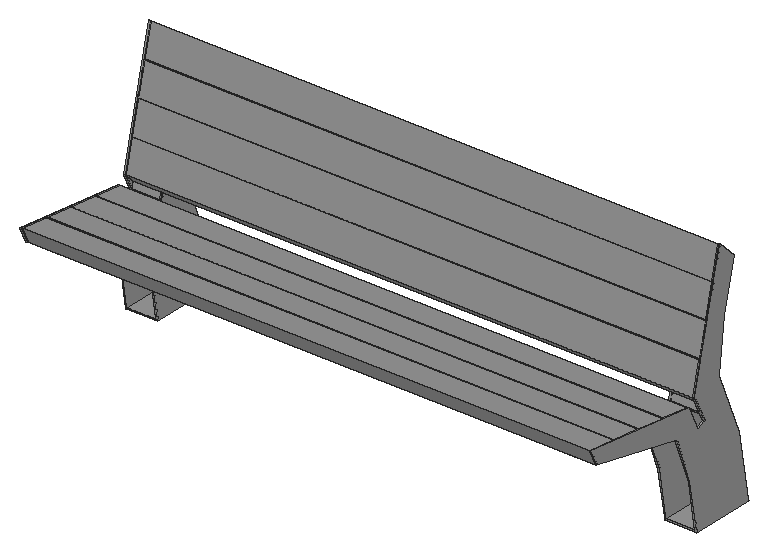
Revit family "Скамейка стальная «Будапешт» Арт 27135", category Антураж, Revit 2018
Family settings
  На основе рабочей плоскости = Нет
  Всегда вертикально = Да
  При загрузке вырезать с полостями = Нет
  Источник визуального образа = Геометрия семейства
  Общий = Нет
  Точка расчета площади = Нет
Parameters (values of type "Скамейка стальная «Будапешт»")
  Ширина = 620 mm  # constant formula
  Цвет опор = Сталь
  Цвет лавки = Дерево
  Описание = "Скамейка стальная «Будапешт»"  # constant formula
  Материал изделия = "Сталь, дерево"  # constant formula
  Изображение типоразмера = Скамейка стальная «Будапешт» Арт 27135.jpg
  Изготовитель = "ООО «Хоббика»"  # constant formula
  Длина = 1800 mm  # constant formula
  Группа модели = "Скамейки"  # constant formula
  Высота = 775 mm  # constant formula
  Артикул товара = "Арт. 27135"  # constant formula
  URL = "https://hobbyka.ru/product/skameyka_stalnaya_budapesht/"
Reference planes
  plane 1 "По центру (Вперед/Назад)": y = 0
  plane 2: z = 0
  plane 3 "По центру (Влево/Вправо)": x = 0
  plane 4: y = 620
  plane 5: x = 1800
  plane 6: z = 775
Forms (mm)
  Extrusion 1, solid, material "Сталь" <- "Цвет опор"
    sketch origin (0, 0, 0) x (0, 1, 0) y (0, 0, 1)
      loop
        line (562.891, 718.944) -> (506.835, 775) -> (408.857, 382.03) -> (446.892, 300.463) -> (419.703, 287.784) -> (383.781, 364.82) -> (0, 411.942) -> (23.244, 362.096) -> (336.251, 295.564)
        arc (336.251, 295.564) -> (391.156, 151.883) -> (415.447, 0) r 746.474
        line (415.447, 0) -> (620, 0)
        arc (620, 0) -> (582.237, 207.634) -> (504.232, 403.73) r 1063.899
        arc (504.232, 403.73) -> (525.1, 562.911) -> (562.891, 718.944) r 1497.265
    from 0 to 5
  Extrusion 2, solid, material "Сталь" <- "Цвет опор"
    sketch origin (0, 0, 0) x (0, 1, 0) y (0, 0, 1)
      loop
        line (562.891, 718.944) -> (534.863, 746.972) -> (431.673, 333.1) -> (446.892, 300.463) -> (419.703, 287.784) -> (407.025, 314.973) -> (23.244, 362.096) -> (336.251, 295.564)
        arc (336.251, 295.564) -> (391.156, 151.883) -> (415.447, 0) r 746.474
        line (415.447, 0) -> (620, 0)
        arc (620, 0) -> (582.237, 207.634) -> (504.232, 403.73) r 1063.899
        arc (504.232, 403.73) -> (525.1, 562.911) -> (562.891, 718.944) r 1497.265
    from 95 to 100
  Extrusion 3, solid, material "Сталь" <- "Цвет опор"
    sketch origin (1800, 0, 0) x (0, 1, 0) y (0, 0, -1)
      loop
        arc (562.891, -718.944) -> (525.1, -562.911) -> (504.232, -403.73) r 1497.265
        arc (504.232, -403.73) -> (582.237, -207.634) -> (620, 0) r 1063.899
        line (620, 0) -> (415.447, 0)
        arc (415.447, 0) -> (391.156, -151.883) -> (336.251, -295.564) r 746.474
        line (336.251, -295.564) -> (23.244, -362.096) -> (0, -411.942) -> (383.781, -364.82) -> (419.703, -287.784) -> (446.892, -300.463) -> (408.857, -382.03) -> (506.835, -775) -> (562.891, -718.944)
    from 0 to 5
  Extrusion 4, solid, material "Сталь" <- "Цвет опор"
    sketch origin (1800, 0, 0) x (0, 1, 0) y (0, 0, -1)
      loop
        line (534.863, -746.972) -> (562.891, -718.944)
        arc (562.891, -718.944) -> (525.1, -562.911) -> (504.232, -403.73) r 1497.265
        arc (504.232, -403.73) -> (580.842, -212.455) -> (619.145, -10) r 1063.899
        arc (619.145, -10) -> (619.584, -5.001) -> (620, 0) r 1063.899
        line (620, 0) -> (415.447, 0)
        arc (415.447, 0) -> (415.153, -5.001) -> (414.826, -10) r 746.474
        arc (414.826, -10) -> (389.843, -156.718) -> (336.251, -295.564) r 746.474
        line (336.251, -295.564) -> (23.244, -362.096) -> (407.025, -314.973) -> (419.703, -287.784) -> (446.892, -300.463) -> (431.673, -333.1) -> (534.863, -746.972)
    from 95 to 100
  Extrusion 5, solid, material "Сталь" <- "Цвет опор"
    sketch origin (0, 0, 0) x (0, 1, 0) y (0, 0, 1)
      loop
        arc (415.153, 5) -> (415.305, 2.5) -> (415.447, 0) r 746.474
        line (415.447, 0) -> (620, 0)
        arc (620, 0) -> (619.795, 2.5) -> (619.584, 5) r 1063.899
        line (619.584, 5) -> (415.153, 5)
      loop
        line (538.988, 742.847) -> (534.863, 746.972) -> (431.673, 333.1) -> (435.031, 325.899) -> (538.988, 742.847)
      loop
        line (407.025, 314.973) -> (23.244, 362.096) -> (79.359, 350.168) -> (409.516, 309.63) -> (407.025, 314.973)
    from 0 to 100
  Extrusion 6, solid, material "Сталь" <- "Цвет опор"
    sketch origin (1800, 0, 0) x (0, 1, 0) y (0, 0, -1)
      loop
        line (415.153, -5) -> (619.584, -5)
        arc (619.584, -5) -> (619.795, -2.5) -> (620, 0) r 1063.899
        line (620, 0) -> (415.447, 0)
        arc (415.447, 0) -> (415.305, -2.5) -> (415.153, -5) r 746.474
      loop
        line (538.988, -742.847) -> (435.031, -325.899) -> (431.673, -333.1) -> (534.863, -746.972) -> (538.988, -742.847)
      loop
        line (409.516, -309.63) -> (79.359, -350.168) -> (23.244, -362.096) -> (407.025, -314.973) -> (409.516, -309.63)
    from 0 to 100
  Extrusion 7, solid, material "Дерево" <- "Цвет лавки"
    sketch origin (0, 0, 0) x (0, 1, 0) y (0, 0, 1)
      loop
        line (534.863, 746.972) -> (506.835, 775) -> (482.643, 677.97) -> (510.671, 649.942) -> (534.863, 746.972)
    from 5 to 1795
  Extrusion 8, solid, material "Дерево" <- "Цвет лавки"
    sketch origin (0, -73.786, -295.94) x (0, 1, 0) y (0, 0, 1)
      loop
        line (534.863, 746.972) -> (506.835, 775) -> (482.643, 677.97) -> (510.671, 649.942) -> (534.863, 746.972)
    from 5 to 1795
  Extrusion 9, solid, material "Дерево" <- "Цвет лавки"
    sketch origin (0, -24.595, -98.647) x (0, 1, 0) y (0, 0, 1)
      loop
        line (534.863, 746.972) -> (506.835, 775) -> (482.643, 677.97) -> (510.671, 649.942) -> (534.863, 746.972)
    from 5 to 1795
  Extrusion 10, solid, material "Дерево" <- "Цвет лавки"
    sketch origin (0, -49.191, -197.293) x (0, 1, 0) y (0, 0, 1)
      loop
        line (534.863, 746.972) -> (506.835, 775) -> (482.643, 677.97) -> (510.671, 649.942) -> (534.863, 746.972)
    from 5 to 1795
  Extrusion 11, solid, material "Дерево" <- "Цвет лавки"
    sketch origin (0, 0, 0) x (0, 1, 0) y (0, 0, 1)
      loop
        line (94.292, 400.365) -> (0, 411.942) -> (23.244, 362.096) -> (117.536, 350.518) -> (94.292, 400.365)
    from 5 to 1795
  Extrusion 12, solid, material "Дерево" <- "Цвет лавки"
    sketch origin (0, 289.489, -35.545) x (0, 1, 0) y (0, 0, 1)
      loop
        line (94.292, 400.365) -> (0, 411.942) -> (23.244, 362.096) -> (117.536, 350.518) -> (94.292, 400.365)
    from 5 to 1795
  Extrusion 13, solid, material "Дерево" <- "Цвет лавки"
    sketch origin (0, 96.496, -11.848) x (0, 1, 0) y (0, 0, 1)
      loop
        line (94.292, 400.365) -> (0, 411.942) -> (23.244, 362.096) -> (117.536, 350.518) -> (94.292, 400.365)
    from 5 to 1795
  Extrusion 14, solid, material "Дерево" <- "Цвет лавки"
    sketch origin (0, 192.993, -23.696) x (0, 1, 0) y (0, 0, 1)
      loop
        line (94.292, 400.365) -> (0, 411.942) -> (23.244, 362.096) -> (117.536, 350.518) -> (94.292, 400.365)
    from 5 to 1795
  Extrusion 15, solid, material "Сталь" <- "Цвет опор"
    sketch origin (0, 0, 0) x (0, 1, 0) y (0, 0, 1)
      loop
        line (534.863, 746.972) -> (431.673, 333.1) -> (435.031, 325.899) -> (538.988, 742.847) -> (534.863, 746.972)
    from 5 to 95
Cuts and joins
  joined: Extrusion 1, Extrusion 2, Extrusion 5
  joined: Extrusion 3, Extrusion 4, Extrusion 6
Dimensions and locks
  "Длина": plane 3 "По центру (Влево/Вправо)" to plane 5
  "Ширина": plane 4 to plane 1 "По центру (Вперед/Назад)"
  "Высота": plane 6 to plane 2
  equal spacing: group 1, group 3, group 4, group 2
  equal spacing: group 2, group 4, group 3, group 1  (x2)
  equal spacing: group 5, group 7, group 8, group 6  (x2)
  equal spacing: group 6, group 8, group 7, group 5
  aligned and locked: level to plane 2
Automatic sketch dimensions
  Extrusion 7 sketch curve to Extrusion 7 sketch curve = 28.028 mm  (x4)
  Extrusion 7 sketch curve to Extrusion 7 sketch curve = 52.22 mm
  Extrusion 7 sketch curve to Extrusion 7 sketch curve = 69.001 mm
  Extrusion 8 sketch curve to Extrusion 8 sketch curve = 28.028 mm  (x4)
  Extrusion 8 sketch curve to Extrusion 8 sketch curve = 52.22 mm
  Extrusion 8 sketch curve to Extrusion 8 sketch curve = 69.001 mm
  Extrusion 9 sketch curve to Extrusion 9 sketch curve = 28.028 mm  (x4)
  Extrusion 9 sketch curve to Extrusion 9 sketch curve = 52.22 mm
  Extrusion 9 sketch curve to Extrusion 9 sketch curve = 69.001 mm
  Extrusion 10 sketch curve to Extrusion 10 sketch curve = 28.028 mm  (x4)
  Extrusion 10 sketch curve to Extrusion 10 sketch curve = 52.22 mm
  Extrusion 10 sketch curve to Extrusion 10 sketch curve = 69.001 mm
  Extrusion 11 sketch curve to Extrusion 11 sketch curve = 49.847 mm  (x2)
  Extrusion 11 sketch curve to Extrusion 11 sketch curve = 23.244 mm  (x2)
  Extrusion 11 sketch curve to Extrusion 11 sketch curve = 11.578 mm
  Extrusion 12 sketch curve to Extrusion 12 sketch curve = 49.847 mm  (x2)
  Extrusion 12 sketch curve to Extrusion 12 sketch curve = 23.244 mm  (x2)
  Extrusion 12 sketch curve to Extrusion 12 sketch curve = 11.578 mm
  Extrusion 13 sketch curve to Extrusion 13 sketch curve = 49.847 mm  (x2)
  Extrusion 13 sketch curve to Extrusion 13 sketch curve = 23.244 mm  (x2)
  Extrusion 13 sketch curve to Extrusion 13 sketch curve = 11.578 mm
  Extrusion 14 sketch curve to Extrusion 14 sketch curve = 49.847 mm  (x2)
  Extrusion 14 sketch curve to Extrusion 14 sketch curve = 23.244 mm  (x2)
  Extrusion 14 sketch curve to Extrusion 14 sketch curve = 11.578 mm
  Extrusion 11 sketch curve to Extrusion 11 sketch curve = 71.048 mm
  Extrusion 12 sketch curve to Extrusion 12 sketch curve = 71.048 mm
  Extrusion 13 sketch curve to Extrusion 13 sketch curve = 71.048 mm
  Extrusion 14 sketch curve to Extrusion 14 sketch curve = 71.048 mm
  Extrusion 1 sketch curve to plane 1 "По центру (Вперед/Назад)" = 0 mm
  Extrusion 1 sketch curve to level = 0 mm
  Extrusion 1 sketch curve to plane 6 = 0 mm
  Extrusion 1 sketch curve to plane 4 = 0 mm
  Extrusion 1 sketch curve to level = 41.318 mm
  plane 1 "По центру (Вперед/Назад)" to Extrusion 1 sketch curve = 329.882 mm
  Extrusion 1 sketch curve to Extrusion 1 sketch curve = 110.567 mm
  Extrusion 1 sketch curve to plane 1 "По центру (Вперед/Назад)" = 23.244 mm
  Extrusion 1 sketch curve to plane 4 = 283.749 mm
  Extrusion 1 sketch curve to Extrusion 1 sketch curve = 47.529 mm
  Extrusion 1 sketch curve to Extrusion 1 sketch curve = 25.076 mm
  Extrusion 1 sketch curve to Extrusion 1 sketch curve = 204.553 mm
  Extrusion 1 sketch curve to Extrusion 1 sketch curve = 83.452 mm
  Extrusion 1 sketch curve to Extrusion 1 sketch curve = 27.189 mm
  Extrusion 1 sketch curve to plane 4 = 113.165 mm
  Extrusion 1 sketch curve to plane 4 = 57.109 mm
  level to Extrusion 1 sketch curve = 288.983 mm
  plane 4 to Extrusion 1 sketch curve = 1377.094 mm
  Extrusion 1 sketch curve to level = 85.616 mm
  Extrusion 1 sketch curve to Extrusion 1 sketch curve = 7.78 mm
  Extrusion 1 sketch curve to Extrusion 1 sketch curve = 12.679 mm
  Extrusion 1 sketch curve to Extrusion 1 sketch curve = 66.532 mm
  Extrusion 1 sketch curve to Extrusion 1 sketch curve = 49.847 mm
  Extrusion 1 sketch curve to plane 6 = 56.056 mm
  Extrusion 2 sketch curve to level = 0 mm
  Extrusion 2 sketch curve to plane 4 = 0 mm
  Extrusion 2 sketch curve to plane 4 = 57.109 mm
  Extrusion 2 sketch curve to plane 6 = 28.028 mm
  Extrusion 2 sketch curve to Extrusion 2 sketch curve = 28.028 mm  (x2)
  Extrusion 2 sketch curve to plane 4 = 173.108 mm
  Extrusion 2 sketch curve to Extrusion 2 sketch curve = 15.219 mm
  Extrusion 2 sketch curve to Extrusion 2 sketch curve = 27.189 mm
  Extrusion 2 sketch curve to plane 4 = 204.553 mm
  Extrusion 2 sketch curve to Extrusion 2 sketch curve = 12.679 mm  (x2)
  Extrusion 2 sketch curve to Extrusion 2 sketch curve = 70.773 mm
  Extrusion 2 sketch curve to plane 1 "По центру (Вперед/Назад)" = 23.244 mm
  Extrusion 2 sketch curve to level = 41.318 mm
  plane 1 "По центру (Вперед/Назад)" to Extrusion 2 sketch curve = 329.882 mm
  Extrusion 2 sketch curve to Extrusion 2 sketch curve = 110.567 mm
  level to Extrusion 2 sketch curve = 288.983 mm
  plane 4 to Extrusion 2 sketch curve = 1377.094 mm
  Extrusion 2 sketch curve to level = 85.616 mm
  Extrusion 2 sketch curve to Extrusion 2 sketch curve = 7.78 mm
  Extrusion 2 sketch curve to Extrusion 2 sketch curve = 66.532 mm
  Extrusion 3 sketch curve to plane 1 "По центру (Вперед/Назад)" = 0 mm
  Extrusion 3 sketch curve to level = 0 mm
  Extrusion 3 sketch curve to plane 6 = 0 mm
  Extrusion 3 sketch curve to plane 4 = 0 mm
  Extrusion 3 sketch curve to level = 41.318 mm
  plane 1 "По центру (Вперед/Назад)" to Extrusion 3 sketch curve = 329.882 mm
  Extrusion 3 sketch curve to Extrusion 3 sketch curve = 110.567 mm
  Extrusion 3 sketch curve to plane 1 "По центру (Вперед/Назад)" = 23.244 mm
  Extrusion 3 sketch curve to plane 4 = 283.749 mm
  Extrusion 3 sketch curve to Extrusion 3 sketch curve = 47.529 mm
  Extrusion 3 sketch curve to Extrusion 3 sketch curve = 25.076 mm
  Extrusion 3 sketch curve to Extrusion 3 sketch curve = 204.553 mm
  Extrusion 3 sketch curve to Extrusion 3 sketch curve = 83.452 mm
  Extrusion 3 sketch curve to Extrusion 3 sketch curve = 27.189 mm
  Extrusion 3 sketch curve to plane 4 = 113.165 mm
  Extrusion 3 sketch curve to plane 4 = 57.109 mm
  level to Extrusion 3 sketch curve = 288.983 mm
  plane 4 to Extrusion 3 sketch curve = 1377.094 mm
  Extrusion 3 sketch curve to plane 6 = 56.056 mm
  Extrusion 3 sketch curve to Extrusion 3 sketch curve = 116.379 mm
  Extrusion 3 sketch curve to Extrusion 3 sketch curve = 86.466 mm
  Extrusion 3 sketch curve to Extrusion 3 sketch curve = 17.21 mm
  Extrusion 3 sketch curve to Extrusion 3 sketch curve = 49.847 mm
  Extrusion 3 sketch curve to level = 85.616 mm
  Extrusion 4 sketch curve to Extrusion 4 sketch curve = 0 mm  (x4)
  Extrusion 4 sketch curve to level = 0 mm
  Extrusion 4 sketch curve to plane 4 = 0 mm
  Extrusion 4 sketch curve to plane 4 = 57.109 mm
  Extrusion 4 sketch curve to plane 6 = 28.028 mm
  Extrusion 4 sketch curve to Extrusion 4 sketch curve = 28.028 mm  (x2)
  Extrusion 4 sketch curve to plane 4 = 173.108 mm
  Extrusion 4 sketch curve to Extrusion 4 sketch curve = 15.219 mm
  Extrusion 4 sketch curve to Extrusion 4 sketch curve = 27.189 mm
  Extrusion 4 sketch curve to plane 4 = 204.553 mm
  Extrusion 4 sketch curve to Extrusion 4 sketch curve = 12.679 mm
  Extrusion 4 sketch curve to Extrusion 4 sketch curve = 70.773 mm
  Extrusion 4 sketch curve to plane 1 "По центру (Вперед/Назад)" = 23.244 mm
  Extrusion 4 sketch curve to level = 41.318 mm
  plane 1 "По центру (Вперед/Назад)" to Extrusion 4 sketch curve = 329.882 mm
  Extrusion 4 sketch curve to Extrusion 4 sketch curve = 110.567 mm
  level to Extrusion 4 sketch curve = 288.983 mm
  plane 4 to Extrusion 4 sketch curve = 1377.094 mm
  Extrusion 4 sketch curve to Extrusion 4 sketch curve = 66.532 mm
  Extrusion 4 sketch curve to Extrusion 4 sketch curve = 37.536 mm
  Extrusion 4 sketch curve to Extrusion 4 sketch curve = 18.127 mm
  Extrusion 4 sketch curve to level = 85.616 mm
  Extrusion 4 sketch curve to plane 4 = 0.855 mm
  level to Extrusion 4 sketch curve = 10 mm
  Extrusion 5 sketch curve to level = 0 mm
  Extrusion 5 sketch curve to plane 4 = 0 mm
  Extrusion 5 sketch curve to plane 4 = 0.416 mm
  Extrusion 5 sketch curve to Extrusion 5 sketch curve = 204.137 mm
  Extrusion 5 sketch curve to Extrusion 5 sketch curve = 0.294 mm
  Extrusion 5 sketch curve to level = 41.318 mm
  plane 1 "По центру (Вперед/Назад)" to Extrusion 5 sketch curve = 329.882 mm
  Extrusion 5 sketch curve to level = 85.616 mm
  Extrusion 6 sketch curve to level = 0 mm
  Extrusion 6 sketch curve to plane 4 = 0 mm
  Extrusion 6 sketch curve to plane 4 = 0.416 mm
  Extrusion 6 sketch curve to Extrusion 6 sketch curve = 204.137 mm
  Extrusion 6 sketch curve to Extrusion 6 sketch curve = 0.294 mm
  Extrusion 6 sketch curve to level = 41.318 mm
  plane 1 "По центру (Вперед/Назад)" to Extrusion 6 sketch curve = 329.882 mm
  Extrusion 6 sketch curve to level = 85.616 mm
  Extrusion 15 sketch curve to plane 4 = 188.327 mm
  Extrusion 15 sketch curve to Extrusion 15 sketch curve = 3.358 mm
  Extrusion 15 sketch curve to plane 6 = 28.028 mm
  Extrusion 15 sketch curve to plane 4 = 85.137 mm
  Extrusion 15 sketch curve to plane 6 = 32.153 mm
  Extrusion 15 sketch curve to Extrusion 15 sketch curve = 4.125 mm
  level to Extrusion 15 sketch curve = 333.1 mm
  Extrusion 15 sketch curve to Extrusion 15 sketch curve = 7.201 mm
  Extrusion 5 sketch curve to plane 4 = 188.327 mm
  Extrusion 5 sketch curve to Extrusion 5 sketch curve = 3.358 mm
  Extrusion 5 sketch curve to plane 6 = 28.028 mm
  Extrusion 5 sketch curve to plane 4 = 85.137 mm
  Extrusion 5 sketch curve to plane 6 = 32.153 mm
  Extrusion 5 sketch curve to Extrusion 5 sketch curve = 4.125 mm
  Extrusion 5 sketch curve to Extrusion 5 sketch curve = 320.899 mm
  Extrusion 5 sketch curve to Extrusion 5 sketch curve = 7.201 mm
  Extrusion 5 sketch curve to plane 1 "По центру (Вперед/Назад)" = 79.359 mm
  Extrusion 5 sketch curve to Extrusion 5 sketch curve = 56.115 mm
  Extrusion 5 sketch curve to Extrusion 5 sketch curve = 25.515 mm
  Extrusion 5 sketch curve to Extrusion 5 sketch curve = 2.492 mm
  Extrusion 5 sketch curve to Extrusion 5 sketch curve = 10.926 mm
  Extrusion 5 sketch curve to Extrusion 5 sketch curve = 5.343 mm
  Extrusion 5 sketch curve to Extrusion 5 sketch curve = 11.928 mm
  Extrusion 5 sketch curve to Extrusion 5 sketch curve = 40.538 mm
  Extrusion 6 sketch curve to plane 4 = 188.327 mm
  Extrusion 6 sketch curve to Extrusion 6 sketch curve = 3.358 mm
  Extrusion 6 sketch curve to plane 6 = 28.028 mm
  Extrusion 6 sketch curve to plane 4 = 85.137 mm
  Extrusion 6 sketch curve to plane 6 = 32.153 mm
  Extrusion 6 sketch curve to Extrusion 6 sketch curve = 4.125 mm
  Extrusion 6 sketch curve to Extrusion 6 sketch curve = 328.1 mm
  Extrusion 6 sketch curve to Extrusion 6 sketch curve = 7.201 mm
  Extrusion 6 sketch curve to plane 1 "По центру (Вперед/Назад)" = 79.359 mm
  Extrusion 6 sketch curve to Extrusion 6 sketch curve = 24.649 mm
  Extrusion 6 sketch curve to Extrusion 6 sketch curve = 35.195 mm
  Extrusion 6 sketch curve to Extrusion 6 sketch curve = 16.269 mm
  Extrusion 6 sketch curve to plane 1 "По центру (Вперед/Назад)" = 23.244 mm
  Extrusion 6 sketch curve to Extrusion 6 sketch curve = 2.492 mm
  Extrusion 6 sketch curve to Extrusion 6 sketch curve = 11.928 mm
  Extrusion 6 sketch curve to Extrusion 6 sketch curve = 5.343 mm
